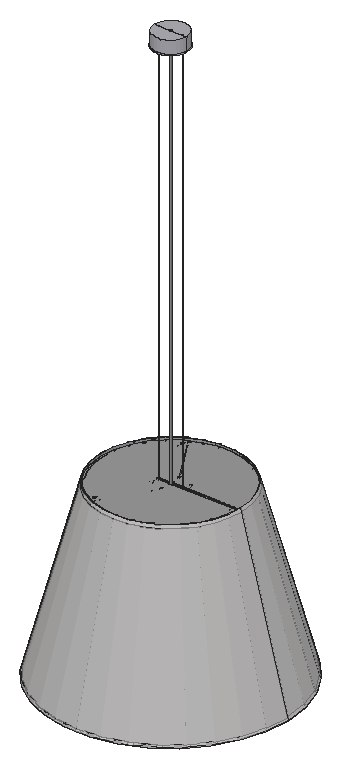
Revit family "Lighting - Lumetta - Pendant - PT4231-PT4231L2", category Lighting Fixtures, host Ceiling, Revit 2015
Parameters
  Wattage = 11.7117 W
  built-in parameter 1150110 = 1 (stored number, unit not read)
  URL = "https://lumetta.comhttps://lumetta.com/collection/cones/"
  Type Comments = "Taper 42'' Cone Pendant"  # constant formula
  built-in parameter 1114217 = 1 (stored number, unit not read)
  Top Lens-Material [instance] = Acrylic - 2447 - White
  Top Lens [instance] = yes
  built-in parameter 1150109 = 1 (stored number, unit not read)
  built-in parameter 1150134 = (empty or 0)
  Suspension [instance] = 2
  built-in parameter 1150113 = 1 (stored number, unit not read)
  Stem Hung-ALL Lamping [instance] = Suspension = 3  # no
  PT4231L2 Web Page [instance] = "https://lumetta.com/luminaires/taper-l2-42-pendant/"
  PT4231 Web Page [instance] = "https://lumetta.com/luminaires/taper-42-pendant/"
  Light Source Symbol Size = 0' - 1"
  Fixture Drop [instance] = 6' - 0"
  L2 - Version [instance] = yes
  Diffuser Outer Material [instance] = Shade - Lumetta - D61 - MT_White
  Diffuser Inside of Outer - L2 Only [instance] = none
  Bottom Diffuser Vis [instance] = and(not([L2 - Version]), [Bottom Lens-NON L2])  # no
  1CRD-2CBL- LED-4 Wire [instance] = Suspension = 2  # yes
  Coupling-Stems Over 60 inches [instance] = no
  Model = "PT4231/PT4231L2"  # constant formula
  Manufacturer = "Lumetta, Inc."  # constant formula
  Lumens = 1300 lm
  built-in parameter 1150115 = 1 (stored number, unit not read)
  built-in parameter 1150105 = 103.45 (stored number, unit not read)
  built-in parameter 1150137 = (empty or 0)
  built-in parameter 1150139 = (empty or 0)
  built-in parameter 1150112 = 1 (stored number, unit not read)
  built-in parameter 1150114 = 1 (stored number, unit not read)
  built-in parameter 1150132 = 1
  built-in parameter 1150102 = (empty or 0)
  built-in parameter 1150138 = (empty or 0)
  built-in parameter 1150107 = 3000 (stored number, unit not read)
  built-in parameter 1150106 = 1.0345 (stored number, unit not read)
  Frame Finish [instance] = Paint - Lumetta - F02 - PC_Chrome
  built-in parameter 1150104 = 10.312 (stored number, unit not read)
  Dimming Lamp Color Temperature Shift = (empty or 0)
  Diffuser L2  Material [instance] = Shade - Lumetta - D61 - MT_White
  Description = "Lumetta Cone Collection"
  Cord [instance] = or(Suspension = 1, Suspension = 2)  # yes
  Bottom Lens-Material [instance] = Acrylic - P95 - Etched White
  Bottom Lens-NON L2 [instance] = no
  2 Cables [instance] = or(Suspension = 1, Suspension = 2)  # yes
  1CRD-2CBL-STD and 2 or 3 Wire [instance] = Suspension = 1  # no
  Cord Color [instance] = Cord, Black
  Color Filter = 16777215
  built-in parameter 1114218 = 1 (stored number, unit not read)
  built-in parameter 1150133 = 10 (stored number, unit not read)
Reference planes (in)
  plane 1 "Light Source Axis (F/B)": y = 0
  plane 2 "Ceiling": z = 96
  plane 3 "Light Source Axis (L/R)": x = 0
  plane 4 "Light Source Elevation": z = 21
  plane 5 "Fixture- L2 Top": z = 23.5
  plane 6 "L2 Radius": x = 3
  plane 7 "Fixture-L2 Height": z = 13.40625
  plane 8: through (0, 0, 0) normal (-0.5, -0.866, 0)
  plane 9: y = 0
  plane 10: through (0, 0, 0) normal (0.5, -0.866, 0)
  plane 11: through (0, 0, 0) normal (-0.866, -0.5, 0)
  plane 12: through (0, 0, 0) normal (0.866, -0.5, 0)
  plane 13 "Top Radius": x = 12.5
  plane 14 "Fixture- Outer Top": z = 24
  plane 15 "Fixture-Outer Height": z = -7
  plane 16 "Bottom Radius": x = 21
  plane 17 "Top Radius-120": through (149.63457, 100.82532, 96) normal (-0.5, 0.866, 0)
  plane 18: through (-162.13457, 79.17468, 96) normal (-0.5, -0.866, 0)
Forms (in)
  Revolve 1, solid, material "Paint - Lumetta - F02 - PC_Chrome" <- "Frame Finish", visible <- "1CRD-2CBL-STD and 2 or 3 Wire"
    sketch origin (0, 0, 0) x (1, 0, 0) y (0, 0, 1)
      loop
        line (0, 96) -> (0, 94.9375) -> (0.2793, 94.9375) -> (0.375, 95.4375) -> (3, 95.4375) -> (3, 95.5) -> (2.87509, 95.5) -> (2.87509, 96) -> (0, 96)
      axis (0, 96) -> (0, 94.9375)
    angle from 0 to 360
  Extrusion 2, void
    sketch origin (0, 0, 95.4375) x (0, -1, 0) y (1, 0, 0)
      loop
        circle (0, 0) r 0.25
      loop
        circle (0, -2.125) r 0.06141
      loop
        circle (0, 2.125) r 0.06137
    from 0 to 0.06358
  Revolve 3, solid, material "Shade - Lumetta - D61 - MT_White" <- "Diffuser L2  Material", visible <- "L2 - Version"
    sketch origin (0, 0, 0) x (1, 0, 0) y (0, 0, 1)
      loop
        line (3, 23.39939) -> (3, 13.40625) -> (3.06242, 13.40625) -> (3.06242, 23.39939) -> (3, 23.39939)
      axis (0, 23.39939) -> (0, 13.40625)
    angle from 0 to 360
  Revolve 4, solid, material "Paint - Lumetta - F02 - PC_Chrome" <- "Frame Finish", visible <- "1CRD-2CBL- LED-4 Wire"
    sketch origin (0, 0, 0) x (1, 0, 0) y (0, 0, 1)
      loop
        line (0, 96) -> (0, 93.22) -> (0.26563, 93.22) -> (0.36282, 93.72) -> (3, 93.72) -> (3, 93.78) -> (2.875, 93.78) -> (2.875, 96) -> (0, 96)
      axis (0, 96) -> (0, 93.22)
    angle from 0 to 360
  Extrusion 5, solid, material "Paint - Lumetta - F02 - PC_Chrome" <- "Frame Finish", visible <- "Stem Hung-ALL Lamping"
    sketch origin (0, 0, 23.5) x (0, -1, 0) y (-1, 0, 0)
      loop
        circle (0, 0) r 0.25
    from 0.10061 to -72.5
  Revolve 6, solid, material "Paint - Lumetta - F02 - PC_Chrome" <- "Frame Finish", visible <- "Coupling-Stems Over 60 inches"
    sketch origin (0, 0, 0) x (1, 0, 0) y (0, 0, 1)
      loop
        line (0, 83.92962) -> (0, 83.39939) -> (0.26233, 83.39939)
        arc (0.26233, 83.39939) -> (0.31307, 83.45013) -> (0.26233, 83.50088) r 0.05074
        arc (0.26233, 83.50088) -> (0.29304, 83.66438) -> (0.26243, 83.8279) r 0.45126
        arc (0.26243, 83.8279) -> (0.31329, 83.87876) -> (0.26243, 83.92962) r 0.05086
        line (0.26243, 83.92962) -> (0, 83.92962)
      axis (0, 83.92962) -> (0, 83.39939)
    angle from 0 to 360
  Revolve 7, solid, material "Paint - Lumetta - F02 - PC_Chrome" <- "Frame Finish", visible <- "Stem Hung-ALL Lamping"
    sketch origin (0, 0, 0) x (1, 0, 0) y (0, 0, 1)
      loop
        line (0, 96) -> (0, 93.40625) -> (0.34988, 93.40625)
        arc (0.34988, 93.40625) -> (0.49124, 93.54417) -> (0.58115, 93.72) r 0.61026
        line (0.58115, 93.72) -> (3, 93.72) -> (3, 93.78) -> (2.875, 93.78) -> (2.875, 96) -> (0, 96)
      axis (0, 96) -> (0, 93.40625)
    angle from 0 to 360
  Extrusion 8, solid, material "Cord, Black" <- "Cord Color", visible <- "Cord"
    sketch origin (0, 0, 23.5) x (0, -1, 0) y (1, 0, 0)
      loop
        circle (0, 0) r 0.15674
    from -0.10061 to 72.5
  Extrusion 9, solid, material "Paint - Lumetta - F02 - PC_Chrome" <- "Frame Finish"
    sketch origin (0, 0, 23) x (0, -1, 0) y (1, 0, 0)
      loop
        line (-0.59424, 10.75) -> (0.59424, 10.75)
        arc (0.59424, 10.75) -> (0.68263, 10.78661) -> (0.71924, 10.875) r 0.125
        line (0.71924, 10.875) -> (0.71924, 11.63) -> (1.07852, 12.25228)
        arc (1.07852, 12.25228) -> (0, 12.30013) -> (-1.07852, 12.25228) r 12.17714
        line (-1.07852, 12.25228) -> (-0.71924, 11.63) -> (-0.71924, 10.875)
        arc (-0.71924, 10.875) -> (-0.68263, 10.78661) -> (-0.59424, 10.75) r 0.125
      loop
        circle (0, 11.375) r 0.09469
    from 0.45221 to 0.5
  Revolve 10, solid, material "Paint - Lumetta - F02 - PC_Chrome" <- "Frame Finish"
    sketch origin (0, 0, 0) x (1, 0, 0) y (0, 0, 1)
      loop
        line (12.14874, 23.45752) -> (12.64874, 23.45752) -> (12.5, 24) -> (12.43972, 23.98347) -> (12.57229, 23.5) -> (12.14874, 23.5) -> (12.14874, 23.45752)
      loop
        line (21, -7) -> (20.8508, -6.45586) -> (20.78963, -6.47263) -> (20.91721, -6.93793) -> (20.5, -6.93793) -> (20.5, -7) -> (21, -7)
      axis (0, 24) -> (0, -7)
    angle from 0 to 360
  Revolve 11, solid, material "Shade - Lumetta - D61 - MT_White" <- "Diffuser Outer Material"
    sketch origin (0, 0, 0) x (1, 0, 0) y (0, 0, 1)
      loop
        line (21, -7) -> (21.03403, -7) -> (12.53403, 24) -> (12.5, 24) -> (21, -7)
      axis (0, -7) -> (0, 24)
    angle from 0 to 360
  Extrusion 12, solid, material "Acrylic - P95 - Etched White", visible <- "L2 - Version"
    sketch origin (0, 0, 13.40625) x (0, -1, 0) y (1, 0, 0)
      loop
        circle (0, 0) r 3
    from 0 to 0.26368
  Extrusion 13, solid, material "Acrylic - 2447 - White", visible <- "L2 - Version"
    sketch origin (0, 0, 23.5) x (0, -1, 0) y (1, 0, 0)
      loop
        circle (0, 0) r 3
      loop
        circle (-2, 0) r 0.09351
      loop
        circle (2, 0) r 0.09301
      loop
        arc (-1.625, -1.81142) -> (-1.60633, -1.89298) -> (-1.55405, -1.95829) r 0.1875
        arc (-1.55405, -1.95829) -> (0, -2.5) -> (1.55405, -1.95829) r 2.5
        arc (1.55405, -1.95829) -> (1.60633, -1.89298) -> (1.625, -1.81142) r 0.1875
        line (1.625, -1.81142) -> (1.625, 1.81142)
        arc (1.625, 1.81142) -> (1.60633, 1.89298) -> (1.55405, 1.95829) r 0.1875
        arc (1.55405, 1.95829) -> (0, 2.5) -> (-1.55405, 1.95829) r 2.5
        arc (-1.55405, 1.95829) -> (-1.60633, 1.89298) -> (-1.625, 1.81142) r 0.1875
        line (-1.625, 1.81142) -> (-1.625, -1.81142)
    from -0.10061 to -0.36078
  Extrusion 14, solid, material "Paint - Lumetta - F02 - PC_Chrome" <- "Frame Finish"
    sketch origin (0, 0, 23.5) x (0, -1, 0) y (1, 0, 0)
      loop
        arc (-1.16018, 2.44224) -> (-2.36139, 1.27755) -> (-2.61496, -0.37627) r 2.625
        line (-2.61496, -0.37627) -> (-10.6491, -5.49458) -> (-10.07036, -6.497) -> (-1.59488, -2.08494)
        arc (-1.59488, -2.08494) -> (0, -2.625) -> (1.59488, -2.08494) r 2.625
        line (1.59488, -2.08494) -> (10.07036, -6.497) -> (10.6491, -5.49458) -> (2.61496, -0.37627)
        arc (2.61496, -0.37627) -> (2.33984, 1.23635) -> (1.16321, 2.37289) r 2.625
        line (1.16321, 2.37289) -> (0.7442, 11.96969) -> (-0.7442, 11.96969) -> (-1.16018, 2.44224)
      loop
        circle (9.85104, -5.6875) r 0.09469
      loop
        circle (0, 11.375) r 0.09469
      loop
        circle (-9.85104, -5.6875) r 0.09469
      loop
        circle (0, 0) r 0.25
      loop
        circle (0, 2.125) r 0.12575
      loop
        circle (0, -2.125) r 0.12445
    from -0.10061 to -0.04779
  Extrusion 15, solid, material "Paint - Lumetta - F02 - PC_Chrome" <- "Frame Finish"
    sketch origin (0, 0, 23) x (0.866025, 0.5, 0) y (-0.5, 0.866025, 0)
      loop
        line (-0.59424, 10.75) -> (0.59424, 10.75)
        arc (0.59424, 10.75) -> (0.68263, 10.78661) -> (0.71924, 10.875) r 0.125
        line (0.71924, 10.875) -> (0.71924, 11.63) -> (1.07852, 12.25228)
        arc (1.07852, 12.25228) -> (0, 12.30013) -> (-1.07852, 12.25228) r 12.17714
        line (-1.07852, 12.25228) -> (-0.71924, 11.63) -> (-0.71924, 10.875)
        arc (-0.71924, 10.875) -> (-0.68263, 10.78661) -> (-0.59424, 10.75) r 0.125
      loop
        circle (0, 11.375) r 0.09469
    from 0.45221 to 0.5
  Extrusion 16, solid, material "Paint - Lumetta - F02 - PC_Chrome" <- "Frame Finish"
    sketch origin (0, 0, 23) x (-0.866025, 0.5, 0) y (-0.5, -0.866025, 0)
      loop
        line (-0.59424, 10.75) -> (0.59424, 10.75)
        arc (0.59424, 10.75) -> (0.68263, 10.78661) -> (0.71924, 10.875) r 0.125
        line (0.71924, 10.875) -> (0.71924, 11.63) -> (1.07852, 12.25228)
        arc (1.07852, 12.25228) -> (0, 12.30013) -> (-1.07852, 12.25228) r 12.17714
        line (-1.07852, 12.25228) -> (-0.71924, 11.63) -> (-0.71924, 10.875)
        arc (-0.71924, 10.875) -> (-0.68263, 10.78661) -> (-0.59424, 10.75) r 0.125
      loop
        circle (0, 11.375) r 0.09469
    from 0.45221 to 0.5
  Revolve 17, solid, material "Plastic, Opaque White", visible <- "L2 - Version"
    sketch origin (0, 0, 0) x (1, 0, 0) y (0, 0, 1)
      loop
        line (20.87688, -6.55098) -> (12.65054, 23.45098) -> (12.6209, 23.44285) -> (20.84724, -6.5591) -> (20.87688, -6.55098)
      axis (0, -6.5591) -> (0, 23.45098)
    angle from 0 to 360
  Revolve 18, solid, material <- "Diffuser Inside of Outer - L2 Only", visible <- "L2 - Version"
    sketch origin (0, 0, 0) x (1, 0, 0) y (0, 0, 1)
      loop
        line (20.91721, -6.93793) -> (12.58227, 23.46008) -> (12.55195, 23.45176) -> (20.8846, -6.93793) -> (20.91721, -6.93793)
      axis (0, -6.93793) -> (0, 23.46008)
    angle from 0 to 360
  Extrusion 19, solid, material "Steel, Galvanized", visible <- "2 Cables"
    sketch origin (0, 0, 96) x (1, 0, 0) y (0, 1, 0)
      loop
        circle (2.125, 0) r 0.03092
      loop
        circle (-2.125, 0) r 0.03201
    from 0 to -72.60061
  Extrusion 20, solid, material "Acrylic - P95 - Etched White" <- "Bottom Lens-Material", visible <- "Bottom Diffuser Vis"
    sketch origin (0, 0, -7) x (-1, 0, 0) y (0, -1, 0)
      loop
        circle (0, 0) r 20.75
    from 0.18332 to 0.06207
  Extrusion 21, solid, material "Acrylic - 2447 - White" <- "Top Lens-Material", visible <- "Top Lens"
    sketch origin (0, 0, 23.5) x (0, -1, 0) y (1, 0, 0)
      loop
        line (-0.28188, -0.41297) -> (-0.28188, -2.125)
        arc (-0.28188, -2.125) -> (0, -2.40688) -> (0.28188, -2.125) r 0.28188
        line (0.28188, -2.125) -> (0.28188, -0.41297)
        arc (0.28188, -0.41297) -> (0.5, 0) -> (0.28188, 0.41297) r 0.5
        line (0.28188, 0.41297) -> (0.28188, 12.34006)
        arc (0.28188, 12.34006) -> (0, -12.34328) -> (-0.28188, 12.34006) r 12.34328
        line (-0.28188, 12.34006) -> (-0.28188, 0.41297)
        arc (-0.28188, 0.41297) -> (-0.5, 0) -> (-0.28188, -0.41297) r 0.5
      loop
        circle (9.85104, -5.6875) r 0.28158
      loop
        circle (-2, 0) r 0.21872
      loop
        circle (2, 0) r 0.21687
      loop
        circle (-9.85104, -5.6875) r 0.28158
    from 0 to 0.1187
Lines and regions (in)
  reference lines
    curve 1: line (21, 0, -7) -> (12.5, 0, 24)
Dimensions and locks (in)
  equal spacing: host sketch curve, plane 3 "Light Source Axis (L/R)", host sketch curve
  equal spacing: host sketch curve, plane 1 "Light Source Axis (F/B)", host sketch curve
  host sketch curve to host sketch curve = 10' - 0"  (x2)
  locked: plane 5 "Fixture- L2 Top" to plane 4 "Light Source Elevation" at 2.5
  plane 6 "L2 Radius" to plane 3 "Light Source Axis (L/R)" = 0' - 3"
  locked: plane 5 "Fixture- L2 Top" to plane 7 "Fixture-L2 Height" at 10.09375
  locked: Revolve 1 sketch curve to plane 3 "Light Source Axis (L/R)" at 2.87509
  locked: Revolve 1 sketch curve to plane 3 "Light Source Axis (L/R)" at 3
  locked: Revolve 3 sketch curve to plane 6 "L2 Radius" at 0.06242
  locked: Extrusion 5 sketch curve to imposter light
  locked: Extrusion 5 sketch curve to imposter light at 0
  Revolve 6 sketch curve to Revolve 6 sketch curve = 0' - 0.15822"
  locked: Revolve 6 sketch curve to Revolve 3 at 60
  locked: Revolve 6 sketch curve to Revolve 6 sketch curve at 0.53023
  locked: Revolve 6 sketch curve to Revolve 6 sketch curve at 0.26243
  locked: Revolve 6 sketch curve to Revolve 6 sketch curve at 0.26233
  locked: Revolve 6 sketch curve to Revolve 6 sketch curve at 0.05074
  locked: Revolve 6 sketch curve to Revolve 6 sketch curve at 0.47937
  locked: Revolve 6 sketch curve to Revolve 6 sketch curve at 0.26512
  locked: Revolve 7 sketch curve to Revolve 7 sketch curve at 2.875
  locked: Revolve 7 sketch curve to Revolve 7 sketch curve at 0.31375
  locked: host ceiling to Revolve 4 sketch curve at 2.28
  locked: Revolve 4 sketch curve to Revolve 4 sketch curve at 0
  locked: Revolve 4 sketch curve to Revolve 4 sketch curve at 2.875
  locked: Revolve 4 sketch curve to Revolve 4 sketch curve at 0.26563
  locked: Revolve 4 sketch curve to Revolve 4 sketch curve at 0.36282
  locked: Revolve 4 sketch curve to Revolve 4 sketch curve at 0.06
  locked: Revolve 4 sketch curve to Revolve 4 sketch curve at 0.5
  locked: Revolve 1 sketch curve to Revolve 1 sketch curve at 0.0625
  locked: host ceiling to Revolve 1 sketch curve at 0.5625
  locked: Revolve 1 sketch curve to Revolve 1 sketch curve at 0.5625
  locked: Revolve 1 sketch curve to Revolve 1 sketch curve at 3
  Revolve 1 sketch curve to Revolve 1 sketch curve = 0' - 2.87509"
  locked: Revolve 1 sketch curve to Revolve 1 sketch curve at 0.5
  locked: Revolve 1 sketch curve to Revolve 1 sketch curve at 0.375
  locked: Revolve 1 sketch curve to Revolve 1 sketch curve at 0.2793
  plane 13 "Top Radius" to plane 3 "Light Source Axis (L/R)" = 1' - 0 1/2"
  "Fixture Drop": plane 2 "Ceiling" to plane 14 "Fixture- Outer Top"
  locked: plane 14 "Fixture- Outer Top" to plane 5 "Fixture- L2 Top" at 0.5
  locked: plane 14 "Fixture- Outer Top" to plane 15 "Fixture-Outer Height" at 31
  equal spacing: Extrusion 9 sketch curve, plane 9, Extrusion 9 sketch curve
  locked: Extrusion 12 to plane 7 "Fixture-L2 Height" at 0.26368
  locked: Extrusion 13 sketch curve to plane 9 at 2
  locked: plane 9 to Extrusion 13 sketch curve at 2
  locked: plane 9 to Extrusion 13 sketch curve at 1.625  (x2)
  Extrusion 14 sketch curve to plane 9 = 0' - 0.7442"
  plane 9 to Extrusion 14 sketch curve = 0' - 0.7442"
  plane 17 "Top Radius-120" to plane 10 = 1' - 0 1/2"
  plane 18 to plane 8 = 1' - 0 1/2"
  locked: Extrusion 9 sketch curve to plane 13 "Top Radius" at 1.75
  locked: Extrusion 9 sketch curve to Extrusion 9 sketch curve at 0.625
  locked: Extrusion 9 sketch curve to Extrusion 9 sketch curve at 0.88  (x2)
  Extrusion 15 sketch curve to Extrusion 15 sketch curve = 0' - 1.43849"
  locked: Extrusion 15 sketch curve to Extrusion 15 sketch curve at 0.625
  locked: Extrusion 15 sketch curve to Extrusion 15 sketch curve at 0.88  (x2)
  Extrusion 16 sketch curve to Extrusion 16 sketch curve = 0' - 1.43849"
  locked: Extrusion 16 sketch curve to Extrusion 16 sketch curve at 0.625
  locked: Extrusion 16 sketch curve to Extrusion 16 sketch curve at 0.88  (x2)
  locked: Extrusion 15 to Extrusion 14 sketch curve at 0.625
  locked: Extrusion 16 to Extrusion 14 sketch curve at 0.625
  locked: Extrusion 9 to Extrusion 14 sketch curve at 0.625
  locked: Extrusion 15 to Extrusion 14 sketch curve at 1.21969
  locked: Extrusion 16 to Extrusion 14 sketch curve at 1.21969
  locked: Extrusion 9 to Extrusion 14 sketch curve at 1.21969
  locked: Extrusion 14 sketch curve to plane 3 "Light Source Axis (L/R)" at 2.125
  locked: plane 3 "Light Source Axis (L/R)" to Extrusion 14 sketch curve at 2.125
  plane 3 "Light Source Axis (L/R)" to plane 16 "Bottom Radius" = 1' - 9"
  locked: Revolve 10 sketch curve to Revolve 10 sketch curve at 0.0625
  locked: Revolve 10 sketch curve to Revolve 10 sketch curve at 0.06343
  locked: Revolve 10 sketch curve to Revolve 10 sketch curve at 0.5  (x2)
  locked: Revolve 10 sketch curve to Revolve 10 sketch curve at 0.06207
  locked: Revolve 10 sketch curve to curve 1
  locked: Revolve 10 sketch curve to Revolve 10 sketch curve at 0.5625
  Revolve 10 sketch curve to Revolve 10 sketch curve = 0' - 0.04248"
  locked: Revolve 10 sketch curve to Revolve 10 sketch curve at 0.56422
  locked: Revolve 11 sketch curve to Revolve 11 sketch curve at 0.03282
  plane 13 "Top Radius" to Extrusion 9 = 0' - 1 3/4"
  locked: Revolve 10 sketch curve to plane 5 "Fixture- L2 Top"
  locked: Extrusion 13 to Extrusion 13 at 0.26017
  locked: Revolve 10 sketch curve to plane 15 "Fixture-Outer Height" at 0
  locked: Revolve 11 sketch curve to plane 15 "Fixture-Outer Height" at 0
  locked: Revolve 10 sketch curve to curve 1 at 0
  locked: curve 1 to Revolve 10 sketch curve at 0
  locked: Revolve 17 sketch curve to Revolve 17 sketch curve at 0.03073
  locked: Revolve 17 sketch curve to curve 1 at 0
  locked: curve 1 to Revolve 18 sketch curve at 0.06343
  locked: Revolve 18 sketch curve to Revolve 18 sketch curve at 0.03145
  locked: Revolve 18 sketch curve to plane 15 "Fixture-Outer Height" at 0.06207
  locked: plane 3 "Light Source Axis (L/R)" to Extrusion 2 sketch curve at 2.125
  locked: Extrusion 2 sketch curve to plane 3 "Light Source Axis (L/R)" at 2.125
  locked: Extrusion 19 sketch curve to plane 3 "Light Source Axis (L/R)" at 2.125
  locked: plane 3 "Light Source Axis (L/R)" to Extrusion 19 sketch curve at 2.125
  locked: plane 5 "Fixture- L2 Top" to Extrusion 14 at 0.04779
  locked: plane 5 "Fixture- L2 Top" to Extrusion 16 at 0.04779  (x2)
  locked: plane 5 "Fixture- L2 Top" to Extrusion 9 at 0.04779
  locked: Extrusion 13 sketch curve to plane 3 "Light Source Axis (L/R)"
  locked: Extrusion 13 sketch curve to plane 3 "Light Source Axis (L/R)" at 0
  locked: Extrusion 16 to Extrusion 21 sketch curve at 0.625
  locked: Extrusion 21 sketch curve to plane 12 at 0
  locked: Extrusion 21 sketch curve to plane 3 "Light Source Axis (L/R)" at 0  (x2)
  locked: Extrusion 21 sketch curve to plane 9 at 2
  locked: plane 9 to Extrusion 21 sketch curve at 2
  locked: Extrusion 21 sketch curve to plane 9 at 0
  locked: Extrusion 21 sketch curve to plane 3 "Light Source Axis (L/R)" at 2.125
  locked: Extrusion 20 to Extrusion 20 at 0.12125
  locked: Extrusion 20 to plane 15 "Fixture-Outer Height" at 0.06207
  locked: Extrusion 21 to plane 5 "Fixture- L2 Top" at 0.1187
  locked: plane 5 "Fixture- L2 Top" to Extrusion 21
  locked: Extrusion 15 to Extrusion 21 sketch curve at 0.625
  locked: plane 14 "Fixture- Outer Top" to Extrusion 14 at 0.60061
  radius of Extrusion 14 sketch curve = 0' - 2 5/8"  (x3)
  radius of Extrusion 20 sketch curve = 1' - 8 3/4"
  locked: Extrusion 9 sketch curve to Extrusion 9 sketch curve (angle 30.00°)  (x2)
  locked: Extrusion 14 sketch curve to plane 9 (angle 2.50°)
  locked: plane 9 to Extrusion 14 sketch curve (angle 2.50°)
  locked: Extrusion 15 sketch curve to Extrusion 15 sketch curve (angle 30.00°)  (x2)
  locked: plane 9 to plane 17 "Top Radius-120" (angle 30.00°)
  locked: plane 18 to plane 9 (angle 30.00°)
  locked: Extrusion 16 sketch curve to Extrusion 16 sketch curve (angle 30.00°)  (x2)
  locked: plane 11 to Extrusion 14 sketch curve (angle 2.50°)
  locked: Extrusion 14 sketch curve to plane 11 (angle 2.50°)
  locked: plane 12 to Extrusion 14 sketch curve (angle 2.50°)
  locked: Extrusion 14 sketch curve to plane 12 (angle 2.50°)
  aligned and locked: plane 3 "Light Source Axis (L/R)" to imposter light
  aligned and locked: plane 1 "Light Source Axis (F/B)" to imposter light
  aligned and locked: plane 4 "Light Source Elevation" to imposter light
  aligned and locked: Revolve 3 sketch curve to plane 3 "Light Source Axis (L/R)"
  aligned and locked: Revolve 6 sketch curve to Revolve 6 sketch curve  (x2)
  aligned and locked: host ceiling to Extrusion 5
  aligned and locked: host ceiling to Extrusion 8
  aligned and locked: Revolve 11 sketch curve to plane 3 "Light Source Axis (L/R)"
  aligned and locked: plane 14 "Fixture- Outer Top" to Revolve 11 sketch curve
  aligned and locked: Extrusion 9 to plane 5 "Fixture- L2 Top"
  aligned and locked: Extrusion 16 to plane 5 "Fixture- L2 Top"
  aligned and locked: Extrusion 15 to plane 5 "Fixture- L2 Top"
  aligned and locked: Revolve 3 to Extrusion 13
  aligned and locked: plane 13 "Top Radius" to curve 1
  aligned and locked: Extrusion 19 to Revolve 3
  aligned and locked: Extrusion 16 to Extrusion 15
  aligned and locked: Extrusion 5 to Revolve 3
  aligned and locked: Extrusion 8 to Revolve 3
Automatic sketch dimensions
  Revolve 3 sketch curve to plane 6 "L2 Radius" = 0' - 0"
  Revolve 3 sketch curve to plane 7 "Fixture-L2 Height" = 0' - 0"
  plane 7 "Fixture-L2 Height" to Revolve 3 sketch curve = 0' - 1 1/4"
  Revolve 3 sketch curve to plane 5 "Fixture- L2 Top" = 0' - 2 1/4"
  Revolve 6 sketch curve to plane 3 "Light Source Axis (L/R)" = 0' - 0"
  Revolve 6 sketch curve to Revolve 6 sketch curve = 0' - 11.34317"
  Revolve 7 sketch curve to plane 3 "Light Source Axis (L/R)" = 0' - 0"  (x3)
  Revolve 7 sketch curve to plane 2 "Ceiling" = 0' - 0"
  plane 3 "Light Source Axis (L/R)" to Revolve 7 sketch curve = 0' - 0.34988"
  Revolve 7 sketch curve to Revolve 7 sketch curve = 0' - 0.23126"
  Revolve 7 sketch curve to Revolve 7 sketch curve = 0' - 0 1/8"
  Revolve 7 sketch curve to plane 2 "Ceiling" = 0' - 2 3/32"
  Revolve 7 sketch curve to Revolve 7 sketch curve = 0' - 0.06"
  plane 2 "Ceiling" to Revolve 7 sketch curve = 0' - 1 3/4"
  Revolve 7 sketch curve to Revolve 7 sketch curve = 0' - 2 1/2"
  Revolve 4 sketch curve to plane 2 "Ceiling" = 0' - 0"
  plane 2 "Ceiling" to Revolve 4 sketch curve = 0' - 1 3/4"
  Revolve 4 sketch curve to Revolve 4 sketch curve = 0' - 2 1/2"
  plane 1 "Light Source Axis (F/B)" to Extrusion 8 sketch curve = 0' - 0"
  Extrusion 8 sketch curve to plane 3 "Light Source Axis (L/R)" = 0' - 0"
  Revolve 4 sketch curve to plane 3 "Light Source Axis (L/R)" = 0' - 0"
  Revolve 4 sketch curve to Revolve 4 sketch curve = 0' - 0 1/8"
  Revolve 1 sketch curve to plane 3 "Light Source Axis (L/R)" = 0' - 0"
  Revolve 1 sketch curve to plane 5 "Fixture- L2 Top" = 0' - 1 1/4"
  Revolve 1 sketch curve to Revolve 1 sketch curve = 0' - 9 3/4"
  plane 1 "Light Source Axis (F/B)" to Extrusion 12 sketch curve = 0' - 0"
  Extrusion 12 sketch curve to plane 3 "Light Source Axis (L/R)" = 0' - 0"
  Extrusion 13 sketch curve to Extrusion 13 sketch curve = 0' - 0"  (x6)
  plane 1 "Light Source Axis (F/B)" to Extrusion 13 sketch curve = 0' - 0"
  Extrusion 13 sketch curve to plane 3 "Light Source Axis (L/R)" = 0' - 0"
  Extrusion 13 sketch curve to Extrusion 13 sketch curve = 0' - 0 3/16"
  Extrusion 13 sketch curve to plane 1 "Light Source Axis (F/B)" = 0' - 1 7/16"
  plane 1 "Light Source Axis (F/B)" to Extrusion 13 sketch curve = 0' - 1 7/16"  (x2)
  Extrusion 13 sketch curve to Extrusion 13 sketch curve = 0' - 1.81142"
  Extrusion 13 sketch curve to plane 3 "Light Source Axis (L/R)" = 0' - 1.81142"
  plane 3 "Light Source Axis (L/R)" to Extrusion 13 sketch curve = 0' - 1.81142"  (x2)
  plane 1 "Light Source Axis (F/B)" to Extrusion 9 sketch curve = 0' - 0"  (x2)
  Extrusion 9 sketch curve to plane 1 "Light Source Axis (F/B)" = 0' - 0.59424"
  Extrusion 9 sketch curve to plane 1 "Light Source Axis (F/B)" = 0' - 0.71924"
  Extrusion 9 sketch curve to plane 13 "Top Radius" = 0' - 0.24772"
  Extrusion 9 sketch curve to Extrusion 9 sketch curve = 0' - 0 1/8"
  plane 3 "Light Source Axis (L/R)" to Extrusion 9 sketch curve = 0' - 0.123"
  plane 11 to Extrusion 15 sketch curve = 0' - 0"  (x2)
  plane 11 to Extrusion 15 sketch curve = 0' - 0.59424"
  plane 11 to Extrusion 15 sketch curve = 0' - 0.71924"
  Extrusion 15 sketch curve to plane 17 "Top Radius-120" = 0' - 0.24772"
  Extrusion 15 sketch curve to Extrusion 15 sketch curve = 0' - 0.35927"
  Extrusion 15 sketch curve to plane 11 = 0' - 0.59424"
  Extrusion 15 sketch curve to plane 11 = 0' - 0.71924"
  Extrusion 15 sketch curve to plane 10 = 0' - 0.123"
  plane 12 to Extrusion 16 sketch curve = 0' - 0"  (x2)
  plane 12 to Extrusion 16 sketch curve = 0' - 0.59424"
  plane 12 to Extrusion 16 sketch curve = 0' - 0.71924"
  Extrusion 16 sketch curve to plane 18 = 0' - 0.24772"
  Extrusion 16 sketch curve to Extrusion 16 sketch curve = 0' - 0.35927"
  Extrusion 16 sketch curve to plane 12 = 0' - 0.59424"
  Extrusion 16 sketch curve to plane 12 = 0' - 0.71924"
  plane 8 to Extrusion 16 sketch curve = 0' - 0.123"
  Extrusion 14 sketch curve to Extrusion 14 sketch curve = 0' - 0"  (x2)
  plane 11 to Extrusion 14 sketch curve = 0' - 0"
  plane 1 "Light Source Axis (F/B)" to Extrusion 14 sketch curve = 0' - 0"  (x4)
  plane 12 to Extrusion 14 sketch curve = 0' - 0"
  Extrusion 14 sketch curve to plane 3 "Light Source Axis (L/R)" = 0' - 0"
  Extrusion 14 sketch curve to plane 3 "Light Source Axis (L/R)" = 0' - 0.37627"  (x2)
  Extrusion 14 sketch curve to plane 1 "Light Source Axis (F/B)" = 0' - 2.61496"
  Extrusion 14 sketch curve to plane 1 "Light Source Axis (F/B)" = 0' - 1.59488"
  Extrusion 14 sketch curve to plane 6 "L2 Radius" = 0' - 0.55776"
  plane 3 "Light Source Axis (L/R)" to Extrusion 14 sketch curve = 0' - 0.01057"
  plane 1 "Light Source Axis (F/B)" to Extrusion 14 sketch curve = 0' - 0.01862"
  plane 1 "Light Source Axis (F/B)" to Extrusion 14 sketch curve = 0' - 1.59488"
  Revolve 11 sketch curve to plane 13 "Top Radius" = 0' - 0"
  plane 16 "Bottom Radius" to Revolve 11 sketch curve = 0' - 0"
  Revolve 11 sketch curve to level = 1' - 0"
  plane 7 "Fixture-L2 Height" to Revolve 11 sketch curve = 0' - 4"
  plane 5 "Fixture- L2 Top" to Revolve 3 sketch curve = 0' - 0.10061"
  curve 1 to plane 15 "Fixture-Outer Height" = 0' - 0"
  plane 16 "Bottom Radius" to curve 1 = 0' - 0"
  curve 1 to plane 14 "Fixture- Outer Top" = 0' - 0"
  Revolve 10 sketch curve to plane 3 "Light Source Axis (L/R)" = 0' - 0"
  Revolve 10 sketch curve to level = 0' - 4 3/4"
  plane 4 "Light Source Elevation" to Revolve 10 sketch curve = 0' - 2 3/32"
  Revolve 17 sketch curve to plane 3 "Light Source Axis (L/R)" = 0' - 0"
  plane 5 "Fixture- L2 Top" to Revolve 17 sketch curve = 0' - 0.04902"
  plane 16 "Bottom Radius" to Revolve 17 sketch curve = 0' - 0.15276"
  Revolve 17 sketch curve to plane 15 "Fixture-Outer Height" = 0' - 4 1/4"
  plane 7 "Fixture-L2 Height" to Revolve 17 sketch curve = 0' - 0 13/32"
  Revolve 18 sketch curve to plane 3 "Light Source Axis (L/R)" = 0' - 0"
  plane 5 "Fixture- L2 Top" to Revolve 18 sketch curve = 0' - 0.03992"
  plane 7 "Fixture-L2 Height" to Revolve 18 sketch curve = 0' - 0 29/32"
  Revolve 18 sketch curve to plane 15 "Fixture-Outer Height" = 0' - 1 3/4"
  Extrusion 2 sketch curve to Revolve 1 = 0' - 0"  (x2)
  plane 1 "Light Source Axis (F/B)" to Extrusion 19 sketch curve = 0' - 0"  (x2)
  Extrusion 21 sketch curve to Extrusion 21 sketch curve = 0' - 0"  (x4)
  plane 11 to Extrusion 21 sketch curve = 0' - 0"
  plane 1 "Light Source Axis (F/B)" to Extrusion 21 sketch curve = 0' - 0"
  Extrusion 21 sketch curve to plane 3 "Light Source Axis (L/R)" = 0' - 0"
  Extrusion 21 sketch curve to plane 1 "Light Source Axis (F/B)" = 0' - 0.28188"
  plane 1 "Light Source Axis (F/B)" to Extrusion 21 sketch curve = 0' - 0.28188"
  Extrusion 21 sketch curve to plane 3 "Light Source Axis (L/R)" = 0' - 0.41297"  (x2)
  Extrusion 21 sketch curve to plane 13 "Top Radius" = 0' - 0.15994"  (x2)
  plane 1 "Light Source Axis (F/B)" to Extrusion 20 sketch curve = 0' - 0"
  Extrusion 20 sketch curve to plane 3 "Light Source Axis (L/R)" = 0' - 0"
  radius of Extrusion 5 sketch curve = 0' - 0 1/4"
  radius of Extrusion 8 sketch curve = 0' - 0.15674"
  radius of Extrusion 12 sketch curve = 0' - 3"
  radius of Extrusion 13 sketch curve = 0' - 3"
  radius of Extrusion 13 sketch curve = 0' - 0.09351"
  radius of Extrusion 13 sketch curve = 0' - 0.09301"
  radius of Extrusion 9 sketch curve = 0' - 0.09469"
  radius of Extrusion 15 sketch curve = 0' - 0.09469"
  radius of Extrusion 16 sketch curve = 0' - 0.09469"
  radius of Extrusion 14 sketch curve = 0' - 0.09469"  (x3)
  radius of Extrusion 14 sketch curve = 0' - 0 1/4"
  radius of Extrusion 14 sketch curve = 0' - 0.12575"
  radius of Extrusion 14 sketch curve = 0' - 0.12445"
  radius of Extrusion 2 sketch curve to Revolve 1 = 0' - 0 1/8"
  radius of Extrusion 2 sketch curve = 0' - 0.06141"
  radius of Extrusion 2 sketch curve = 0' - 0.06137"
  radius of Extrusion 19 sketch curve = 0' - 0.03092"
  radius of Extrusion 19 sketch curve = 0' - 0.03201"
  radius of Extrusion 21 sketch curve = 0' - 0.28158"  (x2)
  radius of Extrusion 21 sketch curve = 0' - 0.21872"
  radius of Extrusion 21 sketch curve = 0' - 0.21687"
